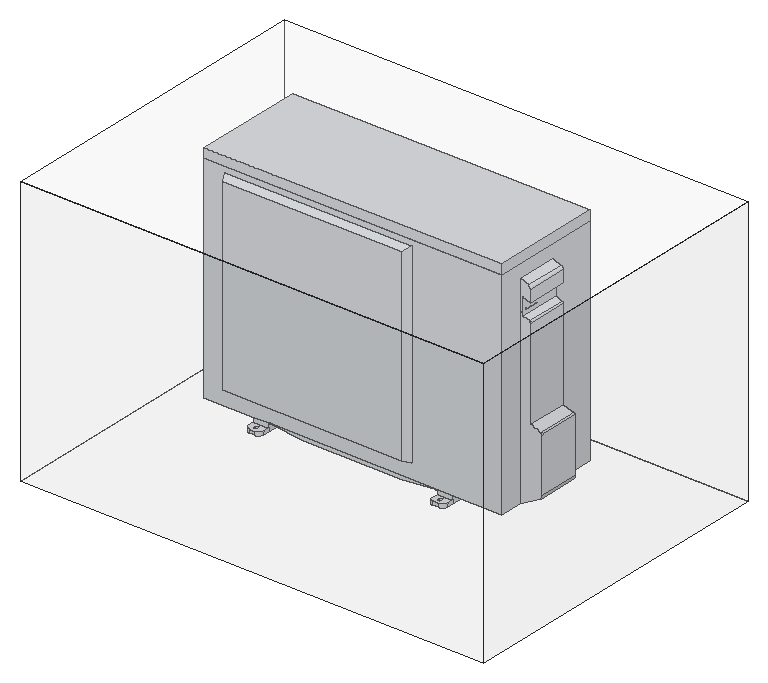
Revit family "puz-ermp40_63ska15_50hz", category 機械設備, Revit 2019
Family settings
  丸型コネクタ寸法 = 直径を使用
  パーツ タイプ = 標準
  OmniClass 番号 = 23.75.10.24.21.27.27
  OmniClass タイトル = Split System Air Conditioning Units
  作業面ベース = いいえ
  常に垂直 = はい
  ロード時にボイドで切り取り = いいえ
  共有 = いいえ
  部屋計算ポイント = いいえ
Parameters (values of type "室外機_PUZ-ERMP40KA15")
  音響パワーレベル_暖房 (dB) = 66
  音響パワーレベル_冷房 (dB) = 64
  音響パワーレベル(dB) = [音響パワーレベル_暖房 (dB)]  # 66
  電源種別 = ""
  電源位置Y = 61 mm
  電源位置Z = 497.7 mm
  電源位置X = 400 mm
  電圧 = 200 V
  電動機出力_送風機 = 0.04 kW
  電動機出力_圧縮機 = 0.7 kW
  集中コントローラ [instance] = ""
  運転質量 = 0.00 kg
  運転方法 = "冷暖切替"
  質量 = if(製品質量 > 運転質量, 製品質量, 運転質量) * 1.2  # 45.60 kg
  負荷分類 = 1_熱源類
  説明 = "空冷H/P PAC インバータ室外機"
  設計暖房能力 [instance] = 0 kW
  設計冷房能力_顕熱 [instance] = 0 kW
  設計冷房能力 [instance] = 0 kW
  設置方法 = "床置形"
  記号 [instance] = ""
  製造元 = "三菱電機株式会社"
  製品質量 = 38.00 kg
  製品出荷対象 = "国内"
  製品リリース年月 = ""
  製品グループ = ""
  系統 [instance] = ""
  符号 = "PAC"
  積算_科目 = "1 空気調和設備"
  積算_拾い区分 [instance] = ""
  相 = 3
  盤記号 [instance] = ""
  発停方法 = "付属スイッチ"
  特殊仕様 [instance] = ""
  消費電力_暖房 = 0 kW
  消費電力_冷房 = 0 kW
  消費電力 = if(消費電力_冷房 > 消費電力_暖房, 消費電力_冷房, 消費電力_暖房)  # 0 kW
  法定耐用年数 = "6"
  構成品番 = "PUZ-ERMP40KA15"
  極数 = 3
  材質 [instance] = ""
  本体マテリアル = none
  最小電線太さ_mm2 = 2
  最大電流値 = 0 A
  暖房能力 = 4 kW
  推奨ブレーカー容量 = 15 A
  据付ピッチ1 = 0 mm
  形式 = "パッケージ形 室外機"
  形名 = PUZ-EZRMP-1 : PUZ-EZRMP-1
  幹線記号 [instance] = ""
  始動方式 = "インバータ始動方式"
  呼称 = "パッケージ形空気調和機_室外機"
  周波数 = 50 Hz
  価格 = 0
  ドレン　位置Z = 8.5 mm
  ドレン　位置Y = 48.5 mm
  ドレン　位置X = 404.5 mm
  アンカーボルト位置Y = 330 mm
  アンカーボルト位置X = 500 mm
  参照している仕様書等のバージョン = "公共建築物標準仕様書（機械設備工事編）平成31年度版"
  分類コード = "5.0053E+13"
  分類グループ = ""
  冷房能力 = 3.6 kW
  冷媒管（ガス）位置X = 420 mm
  冷媒管（液）位置X = 420 mm
  冷媒管（液）位置Y = 153.75 mm
  冷媒管（ガス）位置Y = 153.75 mm
  冷媒管長 [instance] = 0 mm
  冷媒管径符号 = "Ac"
  冷媒管径 = 60.00 mm
  冷媒管位置Z = 158.95 mm
  冷媒管位置Y = (冷媒管（液）位置Y + 冷媒管（ガス）位置Y) / 2  # 153.75 mm
  冷媒管位置X = (冷媒管（液）位置X + 冷媒管（ガス）位置X) / 2  # 420 mm
  冷媒液管径 = 6.35 mm
  冷媒ガス管径 = 12.70 mm
  企業コード = "108420"
  付属品 [instance] = ""
  仕様書バージョン = "Version1.0"
  ユニット数 = 1
  ユニット3 = yes
  ユニット2 = yes
  Model = ""
  ドレン管径 = 42.00 mm
  サービススペース = yes
  コメント [instance] = ""
  ケーブル種類1 = ""
  【値が 0 の項目は組合せ形名にてご確認ください】 = ""
  Width = 809 mm
  Version = ""
  Uniclass2015Version = "Systems v1.9"
  Uniclass2015Title = "Split coil remote air cooled condensing units"
  Uniclass2015Code = "Pr_70_65_03_84"
  URL = "https://www.mitsubishielectric.co.jp/ldg/wink/ssl/top.do"
  SpecificationReference = ""
  SpecificationDescription = ""
  Revision = ""
  ProductInformation = ""
  OmniClassCode = "23-33 17 13 11"
  IfcTypeProduct = ""
  IfcProduct = ""
  IfcExportType = "AIRCONDITIONINGUNIT"
  IfcExportAs = "IfcUnitaryEquipmentType"
  Height = 630 mm
  Depth = 300 mm
  Clearance Top = 100 mm
  Clearance Right = 350 mm
  Clearance Left = 100 mm
  Clearance Front = 500 mm
  Clearance Bottom = 0 mm
  Clearance Back = 100 mm
  COP = 0
  Author = "三菱電機株式会社"
  APF = 0
Reference planes
  plane 1 "中心(正面/背面)": y = 74
  plane 2: z = 0
  plane 3 "中心(左/右)": x = 830
  plane 4 "右": x = 1234.5
  plane 5 "左": x = 425.5
  plane 6 "背面": y = 224
  plane 7 "正面": y = -76
  plane 8 "上部": z = 630
  plane 9 "Clearanse Top": z = 730
  plane 10 "SS_back": y = 324
  plane 11 "SS_front": y = -576
  plane 12 "SS_left": x = 325.5
  plane 13 "SS_right": x = 1584.5
  plane 14: z = 0
  plane 15: y = -15
  plane 16: x = 1230
  plane 17: z = 497.7
  plane 18: y = -13
  plane 19: y = 70.25
  plane 20: x = 1250
  plane 21: y = 175.5
  plane 22: x = 830
  plane 23: z = 10.5
  plane 24: z = 8.5
  plane 25: x = 580
  plane 26: x = 1080
  plane 27: y = 239
  plane 28: y = -91
Forms (mm)
  Extrusion 1, solid, detail levels fine
    sketch origin (0, -76, 0) x (1, 0, 0) y (0, 0, 1)
      loop
        circle (1230, 497.7) r 13.5
    from -63 to -61
  Extrusion 2, solid, detail levels fine
    sketch origin (-1437.329, -1524, 54) x (-1, 0, 0) y (0, -1, 0)
      loop
        circle (-2267.329, -1699.5) r 21
    from -45.5 to -43.5
  Sweep 3, solid, material <- "本体マテリアル", detail levels fine
    path origin (1250, 1296.25, 1200) x (0, 1, 0) y (0, 0, 1)
      loop
        line (-1226, -1041.05) -> (-1272.623, -1084.565)
    profile origin (1250, 46.939, 137.193) x (0, 0.682318, -0.731055) y (1, 0, 0)
      loop
        circle (0, 0) r 30
Lines and regions (mm)
  model lines, not visible
    curve 1: line (460, 178.667, 1289.179) -> (460, 297.73, 1289.179)
    curve 2: line (460, 178.667, 1056.056) -> (460, 178.667, 1289.179)
    curve 3: line (460, 297.73, 1056.056) -> (460, 178.667, 1056.056)
    curve 4: line (460, 297.73, 1289.179) -> (460, 297.73, 1056.056)
    curve 5: line (460, 47.598, 1289.179) -> (460, 166.661, 1289.179)
    curve 6: line (460, 47.598, 1056.056) -> (460, 47.598, 1289.179)
    curve 7: line (460, 166.661, 1056.056) -> (460, 47.598, 1056.056)
    curve 8: line (460, 166.661, 1289.179) -> (460, 166.661, 1056.056)
    curve 9: line (460, -83.471, 1289.179) -> (460, 35.592, 1289.179)
    curve 10: line (460, -83.471, 1056.056) -> (460, -83.471, 1289.179)
    curve 11: line (460, 35.592, 1056.056) -> (460, -83.471, 1056.056)
    curve 12: line (460, 35.592, 1289.179) -> (460, 35.592, 1056.056)
    curve 13: line (460, -150.779, 1289.179) -> (460, -95.75, 1289.179)
    curve 14: line (460, -150.779, 1056.056) -> (460, -150.779, 1289.179)
    curve 15: line (460, -95.75, 1056.056) -> (460, -150.779, 1056.056)
    curve 16: line (460, -95.75, 1289.179) -> (460, -95.75, 1056.056)
    curve 17: line (460, -150.779, 1283.175) -> (460, -132.596, 1283.175)
    curve 18: line (460, -150.779, 1062.059) -> (460, -150.779, 1283.175)
    curve 19: line (460, -132.596, 1062.059) -> (460, -150.779, 1062.059)
    curve 20: line (460, -132.596, 1283.175) -> (460, -132.596, 1062.059)
    curve 21: line (460, 178.667, 1046.051) -> (460, 297.73, 1046.051)
    curve 22: line (460, 178.667, 812.928) -> (460, 178.667, 1046.051)
    curve 23: line (460, 297.73, 812.928) -> (460, 178.667, 812.928)
    curve 24: line (460, 297.73, 1046.051) -> (460, 297.73, 812.928)
    curve 25: line (460, 47.598, 1046.051) -> (460, 166.661, 1046.051)
    curve 26: line (460, 47.598, 812.928) -> (460, 47.598, 1046.051)
    curve 27: line (460, 166.661, 812.928) -> (460, 47.598, 812.928)
    curve 28: line (460, 166.661, 1046.051) -> (460, 166.661, 812.928)
    curve 29: line (460, -83.471, 1046.051) -> (460, 35.592, 1046.051)
    curve 30: line (460, -83.471, 812.928) -> (460, -83.471, 1046.051)
    curve 31: line (460, 35.592, 812.928) -> (460, -83.471, 812.928)
    curve 32: line (460, 35.592, 1046.051) -> (460, 35.592, 812.928)
    curve 33: line (460, -150.779, 1046.051) -> (460, -95.75, 1046.051)
    curve 34: line (460, -150.779, 812.928) -> (460, -150.779, 1046.051)
    curve 35: line (460, -95.75, 812.928) -> (460, -150.779, 812.928)
    curve 36: line (460, -95.75, 1046.051) -> (460, -95.75, 812.928)
    curve 37: line (460, -150.779, 1040.048) -> (460, -132.596, 1040.048)
    curve 38: line (460, -150.779, 818.931) -> (460, -150.779, 1040.048)
    curve 39: line (460, -132.596, 818.931) -> (460, -150.779, 818.931)
    curve 40: line (460, -132.596, 1040.048) -> (460, -132.596, 818.931)
    curve 41: line (460, 178.667, 802.923) -> (460, 297.73, 802.923)
    curve 42: line (460, 178.667, 569.8) -> (460, 178.667, 802.923)
    curve 43: line (460, 297.73, 569.8) -> (460, 178.667, 569.8)
    curve 44: line (460, 297.73, 802.923) -> (460, 297.73, 569.8)
    curve 45: line (460, 47.598, 802.923) -> (460, 166.661, 802.923)
    curve 46: line (460, 47.598, 569.8) -> (460, 47.598, 802.923)
    curve 47: line (460, 166.661, 569.8) -> (460, 47.598, 569.8)
    curve 48: line (460, 166.661, 802.923) -> (460, 166.661, 569.8)
    curve 49: line (460, -83.471, 802.923) -> (460, 35.592, 802.923)
    curve 50: line (460, -83.471, 569.8) -> (460, -83.471, 802.923)
    curve 51: line (460, 35.592, 569.8) -> (460, -83.471, 569.8)
    curve 52: line (460, 35.592, 802.923) -> (460, 35.592, 569.8)
    curve 53: line (460, -150.779, 802.923) -> (460, -95.75, 802.923)
    curve 54: line (460, -150.779, 569.8) -> (460, -150.779, 802.923)
    curve 55: line (460, -95.75, 569.8) -> (460, -150.779, 569.8)
    curve 56: line (460, -95.75, 802.923) -> (460, -95.75, 569.8)
    curve 57: line (460, -150.779, 796.92) -> (460, -132.596, 796.92)
    curve 58: line (460, -150.779, 575.803) -> (460, -150.779, 796.92)
    curve 59: line (460, -132.596, 575.803) -> (460, -150.779, 575.803)
    curve 60: line (460, -132.596, 796.92) -> (460, -132.596, 575.803)
    curve 61: line (460, 178.667, 559.795) -> (460, 297.73, 559.795)
    curve 62: line (460, 178.667, 326.672) -> (460, 178.667, 559.795)
    curve 63: line (460, 297.73, 326.672) -> (460, 178.667, 326.672)
    curve 64: line (460, 297.73, 559.795) -> (460, 297.73, 326.672)
    curve 65: line (460, 47.598, 559.795) -> (460, 166.661, 559.795)
    curve 66: line (460, 47.598, 326.672) -> (460, 47.598, 559.795)
    curve 67: line (460, 166.661, 326.672) -> (460, 47.598, 326.672)
    curve 68: line (460, 166.661, 559.795) -> (460, 166.661, 326.672)
    curve 69: line (460, -83.471, 559.795) -> (460, 35.592, 559.795)
    curve 70: line (460, -83.471, 326.672) -> (460, -83.471, 559.795)
    curve 71: line (460, 35.592, 326.672) -> (460, -83.471, 326.672)
    curve 72: line (460, 35.592, 559.795) -> (460, 35.592, 326.672)
    curve 73: line (460, -150.779, 559.795) -> (460, -95.75, 559.795)
    curve 74: line (460, -150.779, 326.672) -> (460, -150.779, 559.795)
    curve 75: line (460, -95.75, 326.672) -> (460, -150.779, 326.672)
    curve 76: line (460, -95.75, 559.795) -> (460, -95.75, 326.672)
    curve 77: line (460, -150.779, 553.792) -> (460, -132.596, 553.792)
    curve 78: line (460, -150.779, 332.675) -> (460, -150.779, 553.792)
    curve 79: line (460, -132.596, 332.675) -> (460, -150.779, 332.675)
    curve 80: line (460, -132.596, 553.792) -> (460, -132.596, 332.675)
    curve 81: line (460, 178.667, 316.667) -> (460, 297.73, 316.667)
    curve 82: line (460, 178.667, 83.544) -> (460, 178.667, 316.667)
    curve 83: line (460, 297.73, 83.544) -> (460, 178.667, 83.544)
    curve 84: line (460, 297.73, 316.667) -> (460, 297.73, 83.544)
    curve 85: line (460, 47.598, 316.667) -> (460, 166.661, 316.667)
    curve 86: line (460, 47.598, 83.544) -> (460, 47.598, 316.667)
    curve 87: line (460, 166.661, 83.544) -> (460, 47.598, 83.544)
    curve 88: line (460, 166.661, 316.667) -> (460, 166.661, 83.544)
    curve 89: line (460, -83.471, 316.667) -> (460, 35.592, 316.667)
    curve 90: line (460, -83.471, 83.544) -> (460, -83.471, 316.667)
    curve 91: line (460, 35.592, 83.544) -> (460, -83.471, 83.544)
    curve 92: line (460, 35.592, 316.667) -> (460, 35.592, 83.544)
    curve 93: line (460, -150.779, 316.667) -> (460, -95.75, 316.667)
    curve 94: line (460, -150.779, 83.544) -> (460, -150.779, 316.667)
    curve 95: line (460, -95.75, 83.544) -> (460, -150.779, 83.544)
    curve 96: line (460, -95.75, 316.667) -> (460, -95.75, 83.544)
    curve 97: line (460, -150.779, 310.664) -> (460, -132.596, 310.664)
    curve 98: line (460, -150.779, 89.547) -> (460, -150.779, 310.664)
    curve 99: line (460, -132.596, 89.547) -> (460, -150.779, 89.547)
    curve 100: line (460, -132.596, 310.664) -> (460, -132.596, 89.547)
Dimensions and locks
  equal spacing: plane 7 "正面", plane 1 "中心(正面/背面)", plane 6 "背面"
  "Depth": plane 7 "正面" to plane 6 "背面"
  "Width": plane 5 "左" to plane 4 "右"
  equal spacing: plane 5 "左", plane 3 "中心(左/右)", plane 4 "右"
  "Clearance Left": plane 12 "SS_left" to plane 5 "左"
  "Clearance Right": plane 4 "右" to plane 13 "SS_right"
  "Clearance Back": plane 6 "背面" to plane 10 "SS_back"
  "Clearance Front": plane 11 "SS_front" to plane 7 "正面"
  "Height": plane 8 "上部" to level
  "Clearance Top": plane 9 "Clearanse Top" to plane 8 "上部"
  "Clearance Bottom": level to plane 14
  "電源位置X": plane 3 "中心(左/右)" to plane 16
  "電源位置Y": plane 7 "正面" to plane 15
  "電源位置Z": plane 17 to level
  locked: plane 15 to plane 18 at 2
  "冷媒管位置X": plane 3 "中心(左/右)" to plane 20
  "冷媒管位置Y": plane 19 to plane 6 "背面"
  "ドレン　位置X": plane 5 "左" to plane 22
  "ドレン　位置Y": plane 21 to plane 6 "背面"
  locked: plane 23 to plane 24 at 2
  "ドレン　位置Z": plane 24 to level
  equal spacing: plane 28, plane 1 "中心(正面/背面)", plane 27
  "アンカーボルト位置Y": plane 28 to plane 27
  equal spacing: plane 25, plane 3 "中心(左/右)", plane 26
  "アンカーボルト位置X": plane 25 to plane 26
  radius of Extrusion 1 sketch curve = 13.5 mm
  "ドレン管径": diameter of Extrusion 2 sketch curve
  "冷媒管径": diameter of Sweep 3 sketch curve
  aligned and locked: level to plane 2
  aligned and locked: plane 10 "SS_back" to nested 1  (x2)
  aligned and locked: plane 13 "SS_right" to nested 1
  aligned and locked: plane 12 "SS_left" to nested 1  (x2)
  aligned and locked: nested 1 to plane 13 "SS_right"
  aligned and locked: plane 11 "SS_front" to nested 1
  aligned and locked: plane 9 "Clearanse Top" to nested 1
  aligned and locked: plane 1 "中心(正面/背面)" to nested 2
  aligned and locked: plane 3 "中心(左/右)" to nested 2
  aligned and locked: plane 14 to nested 1
  aligned and locked: plane 17 to Extrusion 1 sketch curve
  aligned and locked: plane 16 to Extrusion 1 sketch curve
  aligned and locked: Extrusion 1 to plane 18
  aligned and locked: plane 15 to Extrusion 1
  aligned and locked: plane 22 to Extrusion 2 sketch curve
  aligned and locked: plane 21 to Extrusion 2 sketch curve
  aligned and locked: plane 23 to Extrusion 2
  aligned and locked: Extrusion 2 to plane 24
  aligned and locked: plane 25 to nested 3
  aligned and locked: plane 27 to nested 3
Automatic sketch dimensions
  Sweep 3 sketch curve to plane 18 = 36.627 mm
  plane 1 "中心(正面/背面)" to Sweep 3 sketch curve = 3.75 mm
  plane 23 to Sweep 3 sketch curve = 104.935 mm
  Sweep 3 sketch curve to Sweep 3 sketch curve = 43.515 mm
  Sweep 3 sketch curve to plane 20 = 0 mm
  Sweep 3 sketch curve to profile plane = 0 mm
Nested families
  nested 1: "サービススペース" at (955, -126, 365), visible <- "サービススペース", type "サービススペース"
    with Width 1259 mm, Height 730 mm, Depth 900 mm
  nested 2: "PUZ-EZRMP-1" at (830, 74, 0), type <- "形名", type "PUZ-EZRMP-1", detail levels fine
  nested 3: "固定点" at (580, -91, 0), type "固定点"
    with 中心円 10 mm, W 500 mm, D 330 mm
Connectors
  electrical at (1230, -15, 497.7), driven by "極数", driven by "負荷分類", driven by "電圧", driven by "消費電力"
    settings: on Extrusion 1, index 2, voltage 200 V, apparent load 0 VA, apparent load phase1 0 VA, apparent load phase2 0 VA, apparent load phase3 0 VA, power factor 1, load classification "1_熱源類", number of poles 3, system type 30, power factor state 1, is connector primary yes, connector utility no, sub classification motor no, connector description ""
  piping at (1250, 70.25, 158.95), diameter 60, driven by "冷媒管径", driven by "冷媒管径符号"
    settings: on Sweep 3, index 3, connector inside diameter 609.60 mm, connector length 0 mm, flow factor 0, pipe flow 0.0 L/s, pressure drop 0.0 Pa, fitting loss kfactor 0, connector angle 0.00°, fixture units 0, engagement length 0 mm, angle of deflection 0.00°, flow configuration 1, flow direction 2, fitting loss method 4, system type 7, joint type 0, gender type 0, connector reference index -1, connector utility 0, adjustable connector no, is connector primary yes, connector description "Ac"
Definition of nested family "サービススペース"
  Parameters (values of type "サービススペース")
    Width [instance] = 500 mm
    Height [instance] = 500 mm
    Depth [instance] = 500 mm
  Reference planes
    plane 1 "中心(正面/背面)": y = 0
    plane 2: z = 0
    plane 3 "中心(左/右)": x = 0
    plane 4: y = -250
    plane 5: x = 250
    plane 6: y = 250
    plane 7: x = -250
    plane 8: z = 250
    plane 9: z = -250
  Forms (mm)
    Extrusion 1, solid
      sketch origin (-638.939, 0, 72.39) x (1, 0, 0) y (0, 1, 0)
        loop
          line (388.939, 250) -> (388.939, -250) -> (888.939, -250) -> (888.939, 250) -> (388.939, 250)
      from -322.39 to 177.61
  Lines and regions (mm)
    symbolic lines
      curve 1: line (-250, 0, 250) -> (250, 0, 250)
      curve 2: line (-250, 0, -250) -> (-250, 0, 250)
      curve 3: line (250, 0, -250) -> (-250, 0, -250)
      curve 4: line (250, 0, 250) -> (250, 0, -250)
      curve 5: line (0, -250, 250) -> (0, 250, 250)
      curve 6: line (0, -250, -250) -> (0, -250, 250)
      curve 7: line (0, 250, -250) -> (0, -250, -250)
      curve 8: line (0, 250, 250) -> (0, 250, -250)
      curve 9: line (-250, 250, 0) -> (250, 250, 0)
      curve 10: line (-250, -250, 0) -> (-250, 250, 0)
      curve 11: line (250, -250, 0) -> (-250, -250, 0)
      curve 12: line (250, 250, 0) -> (250, -250, 0)
  Dimensions and locks
    equal spacing: plane 7, plane 3 "中心(左/右)", plane 5
    equal spacing: plane 4, plane 1 "中心(正面/背面)", plane 6
    "Depth": plane 4 to plane 6
    "Width": plane 7 to plane 5
    equal spacing: plane 8, plane 2, plane 9
    "Height": plane 8 to plane 9
    aligned and locked: plane 9 to curve 3
    aligned and locked: plane 7 to curve 2
    aligned and locked: curve 4 to plane 5
    aligned and locked: plane 5 to Extrusion 1
    aligned and locked: Extrusion 1 to plane 7
    aligned and locked: Extrusion 1 to plane 9
    aligned and locked: plane 8 to Extrusion 1
    aligned and locked: plane 9 to curve 7
  Automatic sketch dimensions
    plane 4 to Extrusion 1 sketch curve = 0 mm
    Extrusion 1 sketch curve to plane 7 = 0 mm
    Extrusion 1 sketch curve to plane 5 = 0 mm
    plane 6 to Extrusion 1 sketch curve = 0 mm
    curve 2 to plane 8 = 0 mm
    plane 4 to curve 11 = 0 mm
    curve 11 to plane 7 = 0 mm
    curve 11 to plane 5 = 0 mm
    plane 6 to curve 10 = 0 mm
    curve 7 to plane 4 = 0 mm
    curve 7 to plane 6 = 0 mm
    curve 6 to plane 8 = 0 mm
Definition of nested family "PUZ-EZRMP-1"
  Parameters (values of type "PUZ-ZRMP-1")
    配線取出口サイズ = 27 mm
    配線取出口-Z = 497.7 mm
    配線取出口-Y = 239 mm
    配線取出口-X = 400 mm
    液配管サイズ = 50 mm
    高さ = 630 mm
    換気-W = 310 mm
    換気-H2 = 632 mm
    換気-H1 = 325 mm
    換気-D = 20 mm
    奥行き = 300 mm
    吊りボルト_H = 0 mm
    吊りボルト-φ = 10 mm
    冷媒配管サイズ = 6.35 mm
    冷媒液管径-Z = 164.5 mm
    冷媒液管径-Y = 185.5 mm
    冷媒液管径-X = 420 mm
    冷媒ガス管径-Z = 99.5 mm
    冷媒ガス管径-Y = 185.5 mm
    冷媒ガス管径-X = 420 mm
    吊りボルト-W = 500 mm
    マテリアル = none
    ドレン配管サイズ = 42 mm
    ドレン管径-Z = 0 mm
    ドレン管径-Y = 251.5 mm
    ドレン管径-X = 404.5 mm
    タイプ3 = no
    タイプ2 = no
    タイプ1 = yes
    ガス配管サイズ = 12.7 mm
    吊りボルト-D = 330 mm
    幅さ = 809 mm
    a = 600 mm
  Reference planes
    plane 1 "中心(正面/背面)": y = 0
    plane 2: z = 0
    plane 3 "中心(左/右)": x = 0
    plane 4: z = 630
    plane 5: x = -404.5
    plane 6: x = 404.5
    plane 7: y = 150
    plane 8: y = -150
    plane 9: x = 466.5
    plane 10: y = -90
    plane 11: y = 20
    plane 12: z = 605
    plane 13: x = -424.5
    plane 14: x = -250
    plane 15: x = 250
    plane 16: y = 165
    plane 17: y = -165
    plane 18: x = 270
    plane 19: x = 230
    plane 20: x = -230
    plane 21: x = -270
    plane 22: y = 180
    plane 23: y = -180
    plane 24: z = 8.5
    plane 25: z = 20
    plane 26: z = 11.5
    plane 27: x = -135
    plane 28: x = 135
    plane 29: z = 625
    plane 30: y = -40
    plane 31: y = 40
    plane 32: y = -30
    plane 33: y = 30
    plane 34: z = 610
    plane 35: z = 55
    plane 36: z = 225
    plane 37: z = 570
    plane 38: x = 414.5
    plane 39: x = 435.5
    plane 40: y = -170
    plane 41: x = -94.5
    plane 42: z = 325
    plane 43: x = 159.5
    plane 44: x = -348.5
    plane 45: z = 589
    plane 46: z = 61
    plane 47: x = -338.5
    plane 48: x = 149.5
    plane 49: z = 579
    plane 50: z = 71
    plane 51: y = 100
    plane 52: y = -100
    plane 53: x = 0
    plane 54: y = 101.5
    plane 55: x = 420
    plane 56: x = 400
    plane 57: y = -89
    plane 58: y = -35.5
    plane 59: y = -35.5
    plane 60: x = 420
    plane 61: z = 99.5
    plane 62: z = 164.5
    plane 63: z = 497.7
    plane 64: y = -39
    plane 65: z = 137.3
    plane 66: z = 180.6
    plane 67: x = 420
    plane 68: y = -35.5
    plane 69 "グループ": x = -600
    plane 70: z = 1338
    plane 71: z = 943
    plane 72: z = 957
    plane 73: z = 1221
    plane 74: z = 693
    plane 75: z = 1211
    plane 76: z = 703
    plane 77: y = -12.5
    plane 78: y = 5
    plane 79: y = -3.75
  Forms (mm)
    Extrusion 1, solid, visible <- "タイプ1", detail levels fine
      sketch origin (-1437.329, -1524, 630) x (-1, 0, 0) y (0, -1, 0)
        loop
          line (-1167.329, -1674) -> (-1167.329, -1374) -> (-1207.329, -1374) -> (-1207.329, -1674) -> (-1167.329, -1674)
        loop
          line (-1667.329, -1674) -> (-1667.329, -1374) -> (-1707.329, -1374) -> (-1707.329, -1674) -> (-1667.329, -1674)
      from -630 to -610
    Extrusion 2, solid, material <- "マテリアル", visible <- "タイプ1", detail levels fine
      sketch origin (0, 0, 0) x (1, 0, 0) y (0, 0, 1)
        loop
          line (-230, 20) -> (-135, 11.5) -> (135, 11.5) -> (230, 20) -> (-230, 20)
      from -150 to 150
    Extrusion 3, solid, material <- "マテリアル", visible <- "タイプ1", detail levels fine
      sketch origin (-1437.329, -1524, 630) x (-1, 0, 0) y (0, -1, 0)
        loop
          circle (-1437.329, -1625.5) r 21
      from -621.5 to -618.5
    Extrusion 4, solid, material <- "マテリアル", visible <- "タイプ1", detail levels fine
      sketch origin (-1437.329, -1524, 630) x (-1, 0, 0) y (0, -1, 0)
        loop
          line (-1841.829, -1674) -> (-1032.829, -1674) -> (-1032.829, -1374) -> (-1841.829, -1374) -> (-1841.829, -1674)
      from -610 to -25
    Extrusion 5, solid, material <- "マテリアル", visible <- "タイプ1", detail levels fine
      sketch origin (-1437.329, -1524, 630) x (-1, 0, 0) y (0, -1, 0)
        loop
          line (-1032.829, -1674) -> (-1032.829, -1374) -> (-1841.829, -1374) -> (-1841.829, -1674) -> (-1032.829, -1674)
      from -25 to 0
    Blend 6, solid, material <- "マテリアル", visible <- "タイプ1", detail levels fine
      base sketch origin (0, 0, 0) x (0, 1, 0) y (0, 0, 1)
        loop
          line (40, 625) -> (-40, 625) -> (-40, 605) -> (40, 605) -> (40, 625)
      top sketch origin (0, 0, 0) x (0, 1, 0) y (0, 0, 1)
        loop
          line (30, 610) -> (-30, 610) -> (-30, 605) -> (30, 605) -> (30, 610)
      from -404.5 to -424.5
    Extrusion 7, solid, material <- "マテリアル", visible <- "タイプ1", detail levels fine
      sketch origin (0, 0, 0) x (1, 0, 0) y (0, 0, 1)
        loop
          line (404.5, 570) -> (404.5, 20) -> (461.416, 52.13)
          arc (461.416, 52.13) -> (465.136, 55.796) -> (466.5, 60.838) r 10
          line (466.5, 60.838) -> (466.5, 210.216)
          arc (466.5, 210.216) -> (465.596, 213.084) -> (463.21, 214.914) r 5
          line (463.21, 214.914) -> (435.5, 225) -> (435.5, 470.082)
          arc (435.5, 470.082) -> (434.596, 472.95) -> (432.21, 474.78) r 5
          line (432.21, 474.78) -> (414.5, 481.226) -> (414.5, 529.114) -> (435.5, 521.471) -> (435.5, 551.715)
          arc (435.5, 551.715) -> (433.692, 557.451) -> (428.92, 561.112) r 10
          line (428.92, 561.112) -> (404.5, 570)
      from -20 to 90
    Blend 8, solid, material <- "マテリアル", visible <- "タイプ1", detail levels fine
      base sketch origin (0, 0, 0) x (1, 0, 0) y (0, 0, 1)
        loop
          line (-348.5, 589) -> (-348.5, 61) -> (159.5, 61) -> (159.5, 589) -> (-348.5, 589)
      top sketch origin (0, 0, 0) x (1, 0, 0) y (0, 0, 1)
        loop
          line (-338.5, 579) -> (-338.5, 71) -> (149.5, 71) -> (149.5, 579) -> (-338.5, 579)
      from 150 to 170
    Extrusion 9, solid, material <- "マテリアル", visible <- "タイプ1", detail levels fine
      sketch origin (1480.036, -170, 1200) x (1, 0, 0) y (0, 0, 1)
        loop
          circle (-1080.036, -702.3) r 13.5
      from -131 to -81
    Extrusion 10, solid, visible <- "タイプ1", detail levels fine
      sketch origin (-1437.329, -1524, 630) x (-1, 0, 0) y (0, -1, 0)
        loop
          line (-1167.329, -1704) -> (-1167.329, -1674) -> (-1207.329, -1674) -> (-1207.329, -1704) -> (-1192.329, -1704) -> (-1192.329, -1689)
          arc (-1192.329, -1689) -> (-1187.329, -1684) -> (-1182.329, -1689) r 5
          line (-1182.329, -1689) -> (-1182.329, -1704) -> (-1167.329, -1704)
        loop
          line (-1667.329, -1704) -> (-1667.329, -1674) -> (-1707.329, -1674) -> (-1707.329, -1704) -> (-1692.329, -1704) -> (-1692.329, -1689)
          arc (-1692.329, -1689) -> (-1687.329, -1684) -> (-1682.329, -1689) r 5
          line (-1682.329, -1689) -> (-1682.329, -1704) -> (-1667.329, -1704)
        loop
          line (-1667.329, -1374) -> (-1667.329, -1354)
          arc (-1667.329, -1354) -> (-1670.258, -1346.929) -> (-1677.329, -1344) r 10
          line (-1677.329, -1344) -> (-1694.129, -1344)
          arc (-1694.129, -1344) -> (-1703.463, -1347.866) -> (-1707.329, -1357.2) r 13.2
          line (-1707.329, -1357.2) -> (-1707.329, -1374) -> (-1667.329, -1374)
        loop
          line (-1167.329, -1374) -> (-1167.329, -1357.2)
          arc (-1167.329, -1357.2) -> (-1171.196, -1347.866) -> (-1180.529, -1344) r 13.2
          line (-1180.529, -1344) -> (-1194.129, -1344)
          arc (-1194.129, -1344) -> (-1203.463, -1347.866) -> (-1207.329, -1357.2) r 13.2
          line (-1207.329, -1357.2) -> (-1207.329, -1374) -> (-1167.329, -1374)
        loop
          arc (-1192.329, -1359) -> (-1187.329, -1364) -> (-1182.329, -1359) r 5
          line (-1182.329, -1359) -> (-1182.329, -1357.2)
          arc (-1182.329, -1357.2) -> (-1187.329, -1352.2) -> (-1192.329, -1357.2) r 5
          line (-1192.329, -1357.2) -> (-1192.329, -1359)
        loop
          arc (-1692.329, -1359) -> (-1687.329, -1364) -> (-1682.329, -1359) r 5
          line (-1682.329, -1359) -> (-1682.329, -1357.2)
          arc (-1682.329, -1357.2) -> (-1687.329, -1352.2) -> (-1692.329, -1357.2) r 5
          line (-1692.329, -1357.2) -> (-1692.329, -1359)
      from -621.5 to -630
    Sweep 11, solid, material <- "マテリアル", visible <- "タイプ1", detail levels fine
      path origin (420, 1296.25, 1200) x (0, 1, 0) y (0, 0, 1)
        loop
          line (-1331.75, -1035.5) -> (-1308.75, -1019.4)
      profile origin (420, -24, 172.55) x (0, -0.573462, 0.819232) y (1, 0, 0)
        loop
          circle (0, 0) r 3.175
    Sweep 12, solid, material <- "マテリアル", visible <- "タイプ1", detail levels fine
      path origin (420, 1296.25, 1200) x (0, 1, 0) y (0, 0, 1)
        loop
          line (-1331.75, -1100.5) -> (-1291.25, -1062.7)
      profile origin (420, -15.25, 118.4) x (0, -0.682318, 0.731055) y (1, 0, 0)
        loop
          circle (0, 0) r 6.35
  Lines and regions (mm)
    Masking region 1, visible <- "タイプ1", detail levels coarse+medium
      outline origin (-1437.329, -1524, 630) x (-1, 0, 0) y (0, -1, 0)
        loop
          line (-1841.829, -1674) -> (-1707.329, -1674) -> (-1707.329, -1704) -> (-1667.329, -1704) -> (-1667.329, -1674) -> (-1207.329, -1674) -> (-1207.329, -1704) -> (-1167.329, -1704) -> (-1167.329, -1674) -> (-1032.829, -1674) -> (-1032.829, -1564) -> (-1012.829, -1554) -> (-1012.829, -1494) -> (-1032.829, -1484) -> (-1032.829, -1374) -> (-1088.829, -1374) -> (-1098.829, -1354) -> (-1164.523, -1354)
          arc (-1164.523, -1354) -> (-1169.205, -1346.796) -> (-1177.329, -1344) r 13.2
          line (-1177.329, -1344) -> (-1193.997, -1344)
          arc (-1193.997, -1344) -> (-1202.121, -1346.796) -> (-1206.804, -1354) r 13.2
          line (-1206.804, -1354) -> (-1586.829, -1354) -> (-1596.829, -1374) -> (-1667.329, -1374) -> (-1667.329, -1354)
          arc (-1667.329, -1354) -> (-1670.258, -1346.929) -> (-1677.329, -1344) r 10
          line (-1677.329, -1344) -> (-1694.129, -1344)
          arc (-1694.129, -1344) -> (-1703.463, -1347.866) -> (-1707.329, -1357.2) r 13.2
          line (-1707.329, -1357.2) -> (-1707.329, -1374) -> (-1841.829, -1374) -> (-1841.829, -1434) -> (-1903.829, -1434) -> (-1903.829, -1544) -> (-1841.829, -1544) -> (-1841.829, -1674)
    model lines, visible <- "タイプ1", detail levels fine
      curve 1: line (324.5, 100, 630) -> (-324.5, 100, 630)
      curve 2: line (-324.5, -100, 630) -> (324.5, -100, 630)
      curve 3: line (-324.5, -40, 630) -> (324.5, -40, 630)
      curve 4: line (324.5, 40, 630) -> (-324.5, 40, 630)
      curve 5: line (-324.5, -30, 630) -> (324.5, -30, 630)
      curve 6: line (324.5, 30, 630) -> (-324.5, 30, 630)
      curve 7: line (-324.5, 100, 630) -> (-324.5, 40, 630)
      curve 8: line (324.5, -100, 630) -> (324.5, -40, 630)
      curve 9: line (-324.5, 30, 630) -> (-324.5, -30, 630)
      curve 10: line (-324.5, -40, 630) -> (-324.5, -100, 630)
      curve 11: line (324.5, -30, 630) -> (324.5, 30, 630)
      curve 12: line (324.5, 40, 630) -> (324.5, 100, 630)
      curve 13: line (354.5, -100, 630) -> (354.5, 100, 630)
      curve 14: line (339.5, -100, 630) -> (339.5, 100, 630)
      curve 15: line (-354.5, 100, 630) -> (-354.5, -100, 630)
      curve 16: line (-339.5, 100, 630) -> (-339.5, -100, 630)
      curve 17: line (-339.5, 100, 630) -> (-354.5, 100, 630)
      curve 18: line (-339.5, -100, 630) -> (-354.5, -100, 630)
      curve 19: line (339.5, 100, 630) -> (354.5, 100, 630)
      curve 20: line (339.5, -100, 630) -> (354.5, -100, 630)
      curve 21: line (-338.5, -170, 372.5) -> (149.5, -170, 372.5)
      curve 22: line (149.5, -170, 277.5) -> (-338.5, -170, 277.5)
      curve 23: line (-338.5, -170, 467.5) -> (149.5, -170, 467.5)
      curve 24: line (-338.5, -170, 562.5) -> (149.5, -170, 562.5)
      curve 25: line (149.5, -170, 182.5) -> (-338.5, -170, 182.5)
      curve 26: line (149.5, -170, 87.5) -> (-338.5, -170, 87.5)
      curve 27: line (-321.071, -170, 579) -> (-321.071, -170, 71)
      curve 28: line (132.071, -170, 71) -> (132.071, -170, 579)
      curve 29: line (-303.643, -170, 579) -> (-303.643, -170, 71)
      curve 30: line (-286.214, -170, 579) -> (-286.214, -170, 71)
      curve 31: line (-268.786, -170, 579) -> (-268.786, -170, 71)
      curve 32: line (-251.357, -170, 579) -> (-251.357, -170, 71)
      curve 33: line (-233.929, -170, 579) -> (-233.929, -170, 71)
      curve 34: line (-216.5, -170, 579) -> (-216.5, -170, 71)
      curve 35: line (-199.071, -170, 579) -> (-199.071, -170, 71)
      curve 36: line (-181.643, -170, 579) -> (-181.643, -170, 71)
      curve 37: line (-164.214, -170, 579) -> (-164.214, -170, 71)
      curve 38: line (-146.786, -170, 579) -> (-146.786, -170, 71)
      curve 39: line (-129.357, -170, 579) -> (-129.357, -170, 71)
      curve 40: line (-111.929, -170, 579) -> (-111.929, -170, 71)
      curve 41: line (-94.5, -170, 579) -> (-94.5, -170, 71)
      curve 42: line (-77.071, -170, 579) -> (-77.071, -170, 71)
      curve 43: line (-59.643, -170, 579) -> (-59.643, -170, 71)
      curve 44: line (-42.214, -170, 579) -> (-42.214, -170, 71)
      curve 45: line (-24.786, -170, 579) -> (-24.786, -170, 71)
      curve 46: line (-7.357, -170, 579) -> (-7.357, -170, 71)
      curve 47: line (10.071, -170, 579) -> (10.071, -170, 71)
      curve 48: line (27.5, -170, 579) -> (27.5, -170, 71)
      curve 49: line (44.929, -170, 579) -> (44.929, -170, 71)
      curve 50: line (62.357, -170, 579) -> (62.357, -170, 71)
      curve 51: line (79.786, -170, 579) -> (79.786, -170, 71)
      curve 52: line (97.214, -170, 579) -> (97.214, -170, 71)
      curve 53: line (114.643, -170, 579) -> (114.643, -170, 71)
      curve 54: line (-404.5, -10, 574) -> (-404.5, -10, 584)
      curve 55: line (-404.5, -100, 584) -> (-404.5, -100, 574)
      curve 56: line (-404.5, 100, 584) -> (-404.5, 100, 574)
      curve 57: line (-404.5, 10, 584) -> (-404.5, 10, 574)
      curve 58: line (-404.5, 95, 589) -> (-404.5, 15, 589)
      curve 59: line (-404.5, -15, 589) -> (-404.5, -95, 589)
      curve 60: line (-404.5, -15, 569) -> (-404.5, -95, 569)
      curve 61: line (-404.5, 95, 569) -> (-404.5, 15, 569)
      curve 62: arc (-404.5, 100, 584) -> (-404.5, 98.536, 587.536) -> (-404.5, 95, 589) r 5
      curve 63: arc (-404.5, 95, 569) -> (-404.5, 98.536, 570.464) -> (-404.5, 100, 574) r 5
      curve 64: arc (-404.5, 10, 584) -> (-404.5, 11.464, 587.536) -> (-404.5, 15, 589) r 5
      curve 65: arc (-404.5, 10, 574) -> (-404.5, 11.464, 570.464) -> (-404.5, 15, 569) r 5
      curve 66: arc (-404.5, -10, 584) -> (-404.5, -11.464, 587.536) -> (-404.5, -15, 589) r 5
      curve 67: arc (-404.5, -15, 569) -> (-404.5, -11.464, 570.464) -> (-404.5, -10, 574) r 5
      curve 68: arc (-404.5, -95, 589) -> (-404.5, -98.536, 587.536) -> (-404.5, -100, 584) r 5
      curve 69: arc (-404.5, -100, 574) -> (-404.5, -98.536, 570.464) -> (-404.5, -95, 569) r 5
      curve 70: line (-404.5, -10, 544) -> (-404.5, -10, 554)
      curve 71: line (-404.5, -100, 554) -> (-404.5, -100, 544)
      curve 72: line (-404.5, 100, 554) -> (-404.5, 100, 544)
      curve 73: line (-404.5, 10, 554) -> (-404.5, 10, 544)
      curve 74: line (-404.5, 95, 559) -> (-404.5, 15, 559)
      curve 75: line (-404.5, -15, 559) -> (-404.5, -95, 559)
      curve 76: line (-404.5, -15, 539) -> (-404.5, -95, 539)
      curve 77: line (-404.5, 95, 539) -> (-404.5, 15, 539)
      curve 78: arc (-404.5, 100, 554) -> (-404.5, 98.536, 557.536) -> (-404.5, 95, 559) r 5
      curve 79: arc (-404.5, 95, 539) -> (-404.5, 98.536, 540.464) -> (-404.5, 100, 544) r 5
      curve 80: arc (-404.5, 10, 554) -> (-404.5, 11.464, 557.536) -> (-404.5, 15, 559) r 5
      curve 81: arc (-404.5, 10, 544) -> (-404.5, 11.464, 540.464) -> (-404.5, 15, 539) r 5
      curve 82: arc (-404.5, -10, 554) -> (-404.5, -11.464, 557.536) -> (-404.5, -15, 559) r 5
      curve 83: arc (-404.5, -15, 539) -> (-404.5, -11.464, 540.464) -> (-404.5, -10, 544) r 5
      curve 84: arc (-404.5, -95, 559) -> (-404.5, -98.536, 557.536) -> (-404.5, -100, 554) r 5
      curve 85: arc (-404.5, -100, 544) -> (-404.5, -98.536, 540.464) -> (-404.5, -95, 539) r 5
      curve 86: line (-404.5, -10, 514) -> (-404.5, -10, 524)
      curve 87: line (-404.5, -100, 524) -> (-404.5, -100, 514)
      curve 88: line (-404.5, 100, 524) -> (-404.5, 100, 514)
      curve 89: line (-404.5, 10, 524) -> (-404.5, 10, 514)
      curve 90: line (-404.5, 95, 529) -> (-404.5, 15, 529)
      curve 91: line (-404.5, -15, 529) -> (-404.5, -95, 529)
      curve 92: line (-404.5, -15, 509) -> (-404.5, -95, 509)
      curve 93: line (-404.5, 95, 509) -> (-404.5, 15, 509)
      curve 94: arc (-404.5, 100, 524) -> (-404.5, 98.536, 527.536) -> (-404.5, 95, 529) r 5
      curve 95: arc (-404.5, 95, 509) -> (-404.5, 98.536, 510.464) -> (-404.5, 100, 514) r 5
      curve 96: arc (-404.5, 10, 524) -> (-404.5, 11.464, 527.536) -> (-404.5, 15, 529) r 5
      curve 97: arc (-404.5, 10, 514) -> (-404.5, 11.464, 510.464) -> (-404.5, 15, 509) r 5
      curve 98: arc (-404.5, -10, 524) -> (-404.5, -11.464, 527.536) -> (-404.5, -15, 529) r 5
      curve 99: arc (-404.5, -15, 509) -> (-404.5, -11.464, 510.464) -> (-404.5, -10, 514) r 5
      curve 100: arc (-404.5, -95, 529) -> (-404.5, -98.536, 527.536) -> (-404.5, -100, 524) r 5
      curve 101: arc (-404.5, -100, 514) -> (-404.5, -98.536, 510.464) -> (-404.5, -95, 509) r 5
      curve 102: line (-404.5, -10, 484) -> (-404.5, -10, 494)
      curve 103: line (-404.5, -100, 494) -> (-404.5, -100, 484)
      curve 104: line (-404.5, 100, 494) -> (-404.5, 100, 484)
      curve 105: line (-404.5, 10, 494) -> (-404.5, 10, 484)
      curve 106: line (-404.5, 95, 499) -> (-404.5, 15, 499)
      curve 107: line (-404.5, -15, 499) -> (-404.5, -95, 499)
      curve 108: line (-404.5, -15, 479) -> (-404.5, -95, 479)
      curve 109: line (-404.5, 95, 479) -> (-404.5, 15, 479)
      curve 110: arc (-404.5, 100, 494) -> (-404.5, 98.536, 497.536) -> (-404.5, 95, 499) r 5
      curve 111: arc (-404.5, 95, 479) -> (-404.5, 98.536, 480.464) -> (-404.5, 100, 484) r 5
      curve 112: arc (-404.5, 10, 494) -> (-404.5, 11.464, 497.536) -> (-404.5, 15, 499) r 5
      curve 113: arc (-404.5, 10, 484) -> (-404.5, 11.464, 480.464) -> (-404.5, 15, 479) r 5
      curve 114: arc (-404.5, -10, 494) -> (-404.5, -11.464, 497.536) -> (-404.5, -15, 499) r 5
      curve 115: arc (-404.5, -15, 479) -> (-404.5, -11.464, 480.464) -> (-404.5, -10, 484) r 5
      curve 116: arc (-404.5, -95, 499) -> (-404.5, -98.536, 497.536) -> (-404.5, -100, 494) r 5
      curve 117: arc (-404.5, -100, 484) -> (-404.5, -98.536, 480.464) -> (-404.5, -95, 479) r 5
      curve 118: line (-404.5, -10, 454) -> (-404.5, -10, 464)
      curve 119: line (-404.5, -100, 464) -> (-404.5, -100, 454)
      curve 120: line (-404.5, 100, 464) -> (-404.5, 100, 454)
      curve 121: line (-404.5, 10, 464) -> (-404.5, 10, 454)
      curve 122: line (-404.5, 95, 469) -> (-404.5, 15, 469)
      curve 123: line (-404.5, -15, 469) -> (-404.5, -95, 469)
      curve 124: line (-404.5, -15, 449) -> (-404.5, -95, 449)
      curve 125: line (-404.5, 95, 449) -> (-404.5, 15, 449)
      curve 126: arc (-404.5, 100, 464) -> (-404.5, 98.536, 467.536) -> (-404.5, 95, 469) r 5
      curve 127: arc (-404.5, 95, 449) -> (-404.5, 98.536, 450.464) -> (-404.5, 100, 454) r 5
      curve 128: arc (-404.5, 10, 464) -> (-404.5, 11.464, 467.536) -> (-404.5, 15, 469) r 5
      curve 129: arc (-404.5, 10, 454) -> (-404.5, 11.464, 450.464) -> (-404.5, 15, 449) r 5
      curve 130: arc (-404.5, -10, 464) -> (-404.5, -11.464, 467.536) -> (-404.5, -15, 469) r 5
      curve 131: arc (-404.5, -15, 449) -> (-404.5, -11.464, 450.464) -> (-404.5, -10, 454) r 5
      curve 132: arc (-404.5, -95, 469) -> (-404.5, -98.536, 467.536) -> (-404.5, -100, 464) r 5
      curve 133: arc (-404.5, -100, 454) -> (-404.5, -98.536, 450.464) -> (-404.5, -95, 449) r 5
      curve 134: line (-404.5, -10, 424) -> (-404.5, -10, 434)
      curve 135: line (-404.5, -100, 434) -> (-404.5, -100, 424)
      curve 136: line (-404.5, 100, 434) -> (-404.5, 100, 424)
      curve 137: line (-404.5, 10, 434) -> (-404.5, 10, 424)
      curve 138: line (-404.5, 95, 439) -> (-404.5, 15, 439)
      curve 139: line (-404.5, -15, 439) -> (-404.5, -95, 439)
      curve 140: line (-404.5, -15, 419) -> (-404.5, -95, 419)
      curve 141: line (-404.5, 95, 419) -> (-404.5, 15, 419)
      curve 142: arc (-404.5, 100, 434) -> (-404.5, 98.536, 437.536) -> (-404.5, 95, 439) r 5
      curve 143: arc (-404.5, 95, 419) -> (-404.5, 98.536, 420.464) -> (-404.5, 100, 424) r 5
      curve 144: arc (-404.5, 10, 434) -> (-404.5, 11.464, 437.536) -> (-404.5, 15, 439) r 5
      curve 145: arc (-404.5, 10, 424) -> (-404.5, 11.464, 420.464) -> (-404.5, 15, 419) r 5
      curve 146: arc (-404.5, -10, 434) -> (-404.5, -11.464, 437.536) -> (-404.5, -15, 439) r 5
      curve 147: arc (-404.5, -15, 419) -> (-404.5, -11.464, 420.464) -> (-404.5, -10, 424) r 5
      curve 148: arc (-404.5, -95, 439) -> (-404.5, -98.536, 437.536) -> (-404.5, -100, 434) r 5
      curve 149: arc (-404.5, -100, 424) -> (-404.5, -98.536, 420.464) -> (-404.5, -95, 419) r 5
      curve 150: line (-404.5, -10, 394) -> (-404.5, -10, 404)
      curve 151: line (-404.5, -100, 404) -> (-404.5, -100, 394)
      curve 152: line (-404.5, 100, 404) -> (-404.5, 100, 394)
      curve 153: line (-404.5, 10, 404) -> (-404.5, 10, 394)
      curve 154: line (-404.5, 95, 409) -> (-404.5, 15, 409)
      curve 155: line (-404.5, -15, 409) -> (-404.5, -95, 409)
      curve 156: line (-404.5, -15, 389) -> (-404.5, -95, 389)
      curve 157: line (-404.5, 95, 389) -> (-404.5, 15, 389)
      curve 158: arc (-404.5, 100, 404) -> (-404.5, 98.536, 407.536) -> (-404.5, 95, 409) r 5
      curve 159: arc (-404.5, 95, 389) -> (-404.5, 98.536, 390.464) -> (-404.5, 100, 394) r 5
      curve 160: arc (-404.5, 10, 404) -> (-404.5, 11.464, 407.536) -> (-404.5, 15, 409) r 5
      curve 161: arc (-404.5, 10, 394) -> (-404.5, 11.464, 390.464) -> (-404.5, 15, 389) r 5
      curve 162: arc (-404.5, -10, 404) -> (-404.5, -11.464, 407.536) -> (-404.5, -15, 409) r 5
      curve 163: arc (-404.5, -15, 389) -> (-404.5, -11.464, 390.464) -> (-404.5, -10, 394) r 5
      curve 164: arc (-404.5, -95, 409) -> (-404.5, -98.536, 407.536) -> (-404.5, -100, 404) r 5
      curve 165: arc (-404.5, -100, 394) -> (-404.5, -98.536, 390.464) -> (-404.5, -95, 389) r 5
      curve 166: line (-404.5, -10, 364) -> (-404.5, -10, 374)
      curve 167: line (-404.5, -100, 374) -> (-404.5, -100, 364)
      curve 168: line (-404.5, 100, 374) -> (-404.5, 100, 364)
      curve 169: line (-404.5, 10, 374) -> (-404.5, 10, 364)
      curve 170: line (-404.5, 95, 379) -> (-404.5, 15, 379)
      curve 171: line (-404.5, -15, 379) -> (-404.5, -95, 379)
      curve 172: line (-404.5, -15, 359) -> (-404.5, -95, 359)
      curve 173: line (-404.5, 95, 359) -> (-404.5, 15, 359)
      curve 174: arc (-404.5, 100, 374) -> (-404.5, 98.536, 377.536) -> (-404.5, 95, 379) r 5
      curve 175: arc (-404.5, 95, 359) -> (-404.5, 98.536, 360.464) -> (-404.5, 100, 364) r 5
      curve 176: arc (-404.5, 10, 374) -> (-404.5, 11.464, 377.536) -> (-404.5, 15, 379) r 5
      curve 177: arc (-404.5, 10, 364) -> (-404.5, 11.464, 360.464) -> (-404.5, 15, 359) r 5
      curve 178: arc (-404.5, -10, 374) -> (-404.5, -11.464, 377.536) -> (-404.5, -15, 379) r 5
      curve 179: arc (-404.5, -15, 359) -> (-404.5, -11.464, 360.464) -> (-404.5, -10, 364) r 5
      curve 180: arc (-404.5, -95, 379) -> (-404.5, -98.536, 377.536) -> (-404.5, -100, 374) r 5
      curve 181: arc (-404.5, -100, 364) -> (-404.5, -98.536, 360.464) -> (-404.5, -95, 359) r 5
      curve 182: line (-404.5, -10, 334) -> (-404.5, -10, 344)
      curve 183: line (-404.5, -100, 344) -> (-404.5, -100, 334)
      curve 184: line (-404.5, 100, 344) -> (-404.5, 100, 334)
      curve 185: line (-404.5, 10, 344) -> (-404.5, 10, 334)
      curve 186: line (-404.5, 95, 349) -> (-404.5, 15, 349)
      curve 187: line (-404.5, -15, 349) -> (-404.5, -95, 349)
      curve 188: line (-404.5, -15, 329) -> (-404.5, -95, 329)
      curve 189: line (-404.5, 95, 329) -> (-404.5, 15, 329)
      curve 190: arc (-404.5, 100, 344) -> (-404.5, 98.536, 347.536) -> (-404.5, 95, 349) r 5
      curve 191: arc (-404.5, 95, 329) -> (-404.5, 98.536, 330.464) -> (-404.5, 100, 334) r 5
      curve 192: arc (-404.5, 10, 344) -> (-404.5, 11.464, 347.536) -> (-404.5, 15, 349) r 5
      curve 193: arc (-404.5, 10, 334) -> (-404.5, 11.464, 330.464) -> (-404.5, 15, 329) r 5
      curve 194: arc (-404.5, -10, 344) -> (-404.5, -11.464, 347.536) -> (-404.5, -15, 349) r 5
      curve 195: arc (-404.5, -15, 329) -> (-404.5, -11.464, 330.464) -> (-404.5, -10, 334) r 5
      curve 196: arc (-404.5, -95, 349) -> (-404.5, -98.536, 347.536) -> (-404.5, -100, 344) r 5
      curve 197: arc (-404.5, -100, 334) -> (-404.5, -98.536, 330.464) -> (-404.5, -95, 329) r 5
      curve 198: line (-404.5, -10, 304) -> (-404.5, -10, 314)
      curve 199: line (-404.5, -100, 314) -> (-404.5, -100, 304)
      curve 200: line (-404.5, 100, 314) -> (-404.5, 100, 304)
      curve 201: line (-404.5, 10, 314) -> (-404.5, 10, 304)
      curve 202: line (-404.5, 95, 319) -> (-404.5, 15, 319)
      curve 203: line (-404.5, -15, 319) -> (-404.5, -95, 319)
      curve 204: line (-404.5, -15, 299) -> (-404.5, -95, 299)
      curve 205: line (-404.5, 95, 299) -> (-404.5, 15, 299)
      curve 206: arc (-404.5, 100, 314) -> (-404.5, 98.536, 317.536) -> (-404.5, 95, 319) r 5
      curve 207: arc (-404.5, 95, 299) -> (-404.5, 98.536, 300.464) -> (-404.5, 100, 304) r 5
      curve 208: arc (-404.5, 10, 314) -> (-404.5, 11.464, 317.536) -> (-404.5, 15, 319) r 5
      curve 209: arc (-404.5, 10, 304) -> (-404.5, 11.464, 300.464) -> (-404.5, 15, 299) r 5
      curve 210: arc (-404.5, -10, 314) -> (-404.5, -11.464, 317.536) -> (-404.5, -15, 319) r 5
      curve 211: arc (-404.5, -15, 299) -> (-404.5, -11.464, 300.464) -> (-404.5, -10, 304) r 5
      curve 212: arc (-404.5, -95, 319) -> (-404.5, -98.536, 317.536) -> (-404.5, -100, 314) r 5
      curve 213: arc (-404.5, -100, 304) -> (-404.5, -98.536, 300.464) -> (-404.5, -95, 299) r 5
      curve 214: line (-404.5, -10, 274) -> (-404.5, -10, 284)
      curve 215: line (-404.5, -100, 284) -> (-404.5, -100, 274)
      curve 216: line (-404.5, 100, 284) -> (-404.5, 100, 274)
      curve 217: line (-404.5, 10, 284) -> (-404.5, 10, 274)
      curve 218: line (-404.5, 95, 289) -> (-404.5, 15, 289)
      curve 219: line (-404.5, -15, 289) -> (-404.5, -95, 289)
      curve 220: line (-404.5, -15, 269) -> (-404.5, -95, 269)
      curve 221: line (-404.5, 95, 269) -> (-404.5, 15, 269)
      curve 222: arc (-404.5, 100, 284) -> (-404.5, 98.536, 287.536) -> (-404.5, 95, 289) r 5
      curve 223: arc (-404.5, 95, 269) -> (-404.5, 98.536, 270.464) -> (-404.5, 100, 274) r 5
      curve 224: arc (-404.5, 10, 284) -> (-404.5, 11.464, 287.536) -> (-404.5, 15, 289) r 5
      curve 225: arc (-404.5, 10, 274) -> (-404.5, 11.464, 270.464) -> (-404.5, 15, 269) r 5
      curve 226: arc (-404.5, -10, 284) -> (-404.5, -11.464, 287.536) -> (-404.5, -15, 289) r 5
      curve 227: arc (-404.5, -15, 269) -> (-404.5, -11.464, 270.464) -> (-404.5, -10, 274) r 5
      curve 228: arc (-404.5, -95, 289) -> (-404.5, -98.536, 287.536) -> (-404.5, -100, 284) r 5
      curve 229: arc (-404.5, -100, 274) -> (-404.5, -98.536, 270.464) -> (-404.5, -95, 269) r 5
      curve 230: line (-404.5, -10, 244) -> (-404.5, -10, 254)
      curve 231: line (-404.5, -100, 254) -> (-404.5, -100, 244)
      curve 232: line (-404.5, 100, 254) -> (-404.5, 100, 244)
      curve 233: line (-404.5, 10, 254) -> (-404.5, 10, 244)
      curve 234: line (-404.5, 95, 259) -> (-404.5, 15, 259)
      curve 235: line (-404.5, -15, 259) -> (-404.5, -95, 259)
      curve 236: line (-404.5, -15, 239) -> (-404.5, -95, 239)
      curve 237: line (-404.5, 95, 239) -> (-404.5, 15, 239)
      curve 238: arc (-404.5, 100, 254) -> (-404.5, 98.536, 257.536) -> (-404.5, 95, 259) r 5
      curve 239: arc (-404.5, 95, 239) -> (-404.5, 98.536, 240.464) -> (-404.5, 100, 244) r 5
      curve 240: arc (-404.5, 10, 254) -> (-404.5, 11.464, 257.536) -> (-404.5, 15, 259) r 5
      curve 241: arc (-404.5, 10, 244) -> (-404.5, 11.464, 240.464) -> (-404.5, 15, 239) r 5
      curve 242: arc (-404.5, -10, 254) -> (-404.5, -11.464, 257.536) -> (-404.5, -15, 259) r 5
      curve 243: arc (-404.5, -15, 239) -> (-404.5, -11.464, 240.464) -> (-404.5, -10, 244) r 5
      curve 244: arc (-404.5, -95, 259) -> (-404.5, -98.536, 257.536) -> (-404.5, -100, 254) r 5
      curve 245: arc (-404.5, -100, 244) -> (-404.5, -98.536, 240.464) -> (-404.5, -95, 239) r 5
      curve 246: line (-404.5, -10, 214) -> (-404.5, -10, 224)
      curve 247: line (-404.5, -100, 224) -> (-404.5, -100, 214)
      curve 248: line (-404.5, 100, 224) -> (-404.5, 100, 214)
      curve 249: line (-404.5, 10, 224) -> (-404.5, 10, 214)
      curve 250: line (-404.5, 95, 229) -> (-404.5, 15, 229)
      curve 251: line (-404.5, -15, 229) -> (-404.5, -95, 229)
      curve 252: line (-404.5, -15, 209) -> (-404.5, -95, 209)
      curve 253: line (-404.5, 95, 209) -> (-404.5, 15, 209)
      curve 254: arc (-404.5, 100, 224) -> (-404.5, 98.536, 227.536) -> (-404.5, 95, 229) r 5
      curve 255: arc (-404.5, 95, 209) -> (-404.5, 98.536, 210.464) -> (-404.5, 100, 214) r 5
      curve 256: arc (-404.5, 10, 224) -> (-404.5, 11.464, 227.536) -> (-404.5, 15, 229) r 5
      curve 257: arc (-404.5, 10, 214) -> (-404.5, 11.464, 210.464) -> (-404.5, 15, 209) r 5
      curve 258: arc (-404.5, -10, 224) -> (-404.5, -11.464, 227.536) -> (-404.5, -15, 229) r 5
      curve 259: arc (-404.5, -15, 209) -> (-404.5, -11.464, 210.464) -> (-404.5, -10, 214) r 5
      curve 260: arc (-404.5, -95, 229) -> (-404.5, -98.536, 227.536) -> (-404.5, -100, 224) r 5
      curve 261: arc (-404.5, -100, 214) -> (-404.5, -98.536, 210.464) -> (-404.5, -95, 209) r 5
      curve 262: line (-404.5, -10, 184) -> (-404.5, -10, 194)
      curve 263: line (-404.5, -100, 194) -> (-404.5, -100, 184)
      curve 264: line (-404.5, 100, 194) -> (-404.5, 100, 184)
      curve 265: line (-404.5, 10, 194) -> (-404.5, 10, 184)
      curve 266: line (-404.5, 95, 199) -> (-404.5, 15, 199)
      curve 267: line (-404.5, -15, 199) -> (-404.5, -95, 199)
      curve 268: line (-404.5, -15, 179) -> (-404.5, -95, 179)
      curve 269: line (-404.5, 95, 179) -> (-404.5, 15, 179)
      curve 270: arc (-404.5, 100, 194) -> (-404.5, 98.536, 197.536) -> (-404.5, 95, 199) r 5
      curve 271: arc (-404.5, 95, 179) -> (-404.5, 98.536, 180.464) -> (-404.5, 100, 184) r 5
      curve 272: arc (-404.5, 10, 194) -> (-404.5, 11.464, 197.536) -> (-404.5, 15, 199) r 5
      curve 273: arc (-404.5, 10, 184) -> (-404.5, 11.464, 180.464) -> (-404.5, 15, 179) r 5
      curve 274: arc (-404.5, -10, 194) -> (-404.5, -11.464, 197.536) -> (-404.5, -15, 199) r 5
      curve 275: arc (-404.5, -15, 179) -> (-404.5, -11.464, 180.464) -> (-404.5, -10, 184) r 5
      curve 276: arc (-404.5, -95, 199) -> (-404.5, -98.536, 197.536) -> (-404.5, -100, 194) r 5
      curve 277: arc (-404.5, -100, 184) -> (-404.5, -98.536, 180.464) -> (-404.5, -95, 179) r 5
      curve 278: line (-404.5, -10, 154) -> (-404.5, -10, 164)
      curve 279: line (-404.5, -100, 164) -> (-404.5, -100, 154)
      curve 280: line (-404.5, 100, 164) -> (-404.5, 100, 154)
      curve 281: line (-404.5, 10, 164) -> (-404.5, 10, 154)
      curve 282: line (-404.5, 95, 169) -> (-404.5, 15, 169)
      curve 283: line (-404.5, -15, 169) -> (-404.5, -95, 169)
      curve 284: line (-404.5, -15, 149) -> (-404.5, -95, 149)
      curve 285: line (-404.5, 95, 149) -> (-404.5, 15, 149)
      curve 286: arc (-404.5, 100, 164) -> (-404.5, 98.536, 167.536) -> (-404.5, 95, 169) r 5
      curve 287: arc (-404.5, 95, 149) -> (-404.5, 98.536, 150.464) -> (-404.5, 100, 154) r 5
      curve 288: arc (-404.5, 10, 164) -> (-404.5, 11.464, 167.536) -> (-404.5, 15, 169) r 5
      curve 289: arc (-404.5, 10, 154) -> (-404.5, 11.464, 150.464) -> (-404.5, 15, 149) r 5
      curve 290: arc (-404.5, -10, 164) -> (-404.5, -11.464, 167.536) -> (-404.5, -15, 169) r 5
      curve 291: arc (-404.5, -15, 149) -> (-404.5, -11.464, 150.464) -> (-404.5, -10, 154) r 5
      curve 292: arc (-404.5, -95, 169) -> (-404.5, -98.536, 167.536) -> (-404.5, -100, 164) r 5
      curve 293: arc (-404.5, -100, 154) -> (-404.5, -98.536, 150.464) -> (-404.5, -95, 149) r 5
      curve 294: line (-404.5, -10, 124) -> (-404.5, -10, 134)
      curve 295: line (-404.5, -100, 134) -> (-404.5, -100, 124)
      curve 296: line (-404.5, 100, 134) -> (-404.5, 100, 124)
      curve 297: line (-404.5, 10, 134) -> (-404.5, 10, 124)
      curve 298: line (-404.5, 95, 139) -> (-404.5, 15, 139)
      curve 299: line (-404.5, -15, 139) -> (-404.5, -95, 139)
      curve 300: line (-404.5, -15, 119) -> (-404.5, -95, 119)
      curve 301: line (-404.5, 95, 119) -> (-404.5, 15, 119)
      curve 302: arc (-404.5, 100, 134) -> (-404.5, 98.536, 137.536) -> (-404.5, 95, 139) r 5
      curve 303: arc (-404.5, 95, 119) -> (-404.5, 98.536, 120.464) -> (-404.5, 100, 124) r 5
      curve 304: arc (-404.5, 10, 134) -> (-404.5, 11.464, 137.536) -> (-404.5, 15, 139) r 5
      curve 305: arc (-404.5, 10, 124) -> (-404.5, 11.464, 120.464) -> (-404.5, 15, 119) r 5
      curve 306: arc (-404.5, -10, 134) -> (-404.5, -11.464, 137.536) -> (-404.5, -15, 139) r 5
      curve 307: arc (-404.5, -15, 119) -> (-404.5, -11.464, 120.464) -> (-404.5, -10, 124) r 5
      curve 308: arc (-404.5, -95, 139) -> (-404.5, -98.536, 137.536) -> (-404.5, -100, 134) r 5
      curve 309: arc (-404.5, -100, 124) -> (-404.5, -98.536, 120.464) -> (-404.5, -95, 119) r 5
      curve 310: line (-404.5, -10, 94) -> (-404.5, -10, 104)
      curve 311: line (-404.5, -100, 104) -> (-404.5, -100, 94)
      curve 312: line (-404.5, 100, 104) -> (-404.5, 100, 94)
      curve 313: line (-404.5, 10, 104) -> (-404.5, 10, 94)
      curve 314: line (-404.5, 95, 109) -> (-404.5, 15, 109)
      curve 315: line (-404.5, -15, 109) -> (-404.5, -95, 109)
      curve 316: line (-404.5, -15, 89) -> (-404.5, -95, 89)
      curve 317: line (-404.5, 95, 89) -> (-404.5, 15, 89)
      curve 318: arc (-404.5, 100, 104) -> (-404.5, 98.536, 107.536) -> (-404.5, 95, 109) r 5
      curve 319: arc (-404.5, 95, 89) -> (-404.5, 98.536, 90.464) -> (-404.5, 100, 94) r 5
      curve 320: arc (-404.5, 10, 104) -> (-404.5, 11.464, 107.536) -> (-404.5, 15, 109) r 5
      curve 321: arc (-404.5, 10, 94) -> (-404.5, 11.464, 90.464) -> (-404.5, 15, 89) r 5
      curve 322: arc (-404.5, -10, 104) -> (-404.5, -11.464, 107.536) -> (-404.5, -15, 109) r 5
      curve 323: arc (-404.5, -15, 89) -> (-404.5, -11.464, 90.464) -> (-404.5, -10, 94) r 5
      curve 324: arc (-404.5, -95, 109) -> (-404.5, -98.536, 107.536) -> (-404.5, -100, 104) r 5
      curve 325: arc (-404.5, -100, 94) -> (-404.5, -98.536, 90.464) -> (-404.5, -95, 89) r 5
      curve 326: line (-404.5, -10, 64) -> (-404.5, -10, 74)
      curve 327: line (-404.5, -100, 74) -> (-404.5, -100, 64)
      curve 328: line (-404.5, 100, 74) -> (-404.5, 100, 64)
      curve 329: line (-404.5, 10, 74) -> (-404.5, 10, 64)
      curve 330: line (-404.5, 95, 79) -> (-404.5, 15, 79)
      curve 331: line (-404.5, -15, 79) -> (-404.5, -95, 79)
      curve 332: line (-404.5, -15, 59) -> (-404.5, -95, 59)
      curve 333: line (-404.5, 95, 59) -> (-404.5, 15, 59)
      curve 334: arc (-404.5, 100, 74) -> (-404.5, 98.536, 77.536) -> (-404.5, 95, 79) r 5
      curve 335: arc (-404.5, 95, 59) -> (-404.5, 98.536, 60.464) -> (-404.5, 100, 64) r 5
      curve 336: arc (-404.5, 10, 74) -> (-404.5, 11.464, 77.536) -> (-404.5, 15, 79) r 5
      curve 337: arc (-404.5, 10, 64) -> (-404.5, 11.464, 60.464) -> (-404.5, 15, 59) r 5
      curve 338: arc (-404.5, -10, 74) -> (-404.5, -11.464, 77.536) -> (-404.5, -15, 79) r 5
      curve 339: arc (-404.5, -15, 59) -> (-404.5, -11.464, 60.464) -> (-404.5, -10, 64) r 5
      curve 340: arc (-404.5, -95, 79) -> (-404.5, -98.536, 77.536) -> (-404.5, -100, 74) r 5
